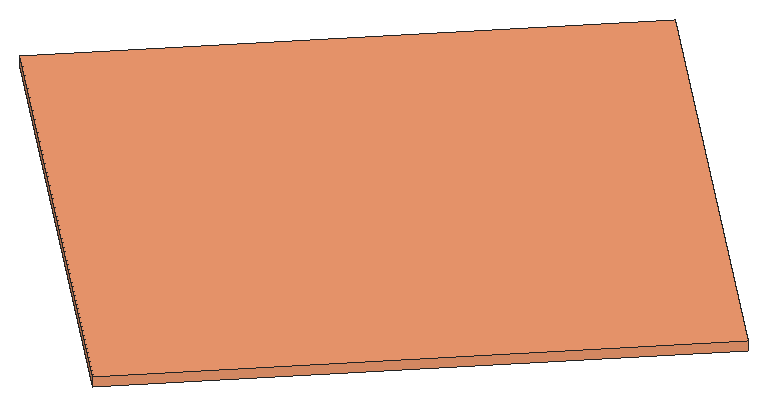
Revit family "Open End Mark", category Generic Models, Revit 2021
Family settings
  Can host rebar = No
  Round Connector Dimension = Use Diameter
  Part Type = Normal
  Work Plane-Based = No
  Always vertical = Yes
  Cut with Voids When Loaded = No
  Shared = No
  Room Calculation Point = No
Parameters
  Outside Lenght Mark [instance] = 400 mm
  Lenght X Mark [instance] = Outside Lenght Mark * sqrt(2)  # 565.685 mm
  Inside Lenght Mark [instance] = Outside Lenght Mark / sqrt(2)  # 282.843 mm
  Height Mark [instance] = 5 mm
  Default Elevation = 0 mm
Reference planes
  plane 1 "Center (Front/Back)": y = 0
  plane 2: z = 0
  plane 3 "Center (Left/Right)": x = 0
Forms (mm)
  Extrusion 1, solid, material "Mark Material"
    sketch origin (0, 0, 0) x (1, 0, 0) y (0, 1, 0)
      loop
        line (-200, 0) -> (0, -200) -> (200, 0) -> (0, 200) -> (-200, 0)
    from 0 to 5
Lines and regions (mm)
  reference lines
    curve 1: line (0, 643.551, 5) -> (0, -656.449, 5)
    curve 2: line (-304.416, 200, 0) -> (390.584, 200, 0)
    curve 3: line (-283.478, -200, 0) -> (411.522, -200, 0)
    curve 4: line (-200, 302.71, 0) -> (-200, -337.29, 0)
    curve 5: line (200, 302.71, 0) -> (200, -337.29, 0)
    curve 6: line (0, 400, 0) -> (400, 0, 0)
    curve 7: line (400, 0, 0) -> (0, -400, 0)
    curve 8: line (0, -400, 0) -> (-400, 0, 0)
    curve 9: line (-400, 0, 0) -> (0, 400, 0)
  model lines, style "Mark Line"
    curve 10: line (-200, 200, 0) -> (200, -200, 0)
    curve 11: line (-200, -200, 0) -> (200, 200, 0)
Dimensions and locks
  "Height Mark": level to curve 1
  equal spacing: curve 4, curve 1, curve 5
  equal spacing: curve 3, plane 1 "Center (Front/Back)", curve 2
  "Outside Lenght Mark": curve 4 to curve 5
  "Outside Lenght Mark": curve 3 to curve 2
  "Inside Lenght Mark": Extrusion 1 sketch curve to Extrusion 1 sketch curve  (x4)
  "Lenght X Mark": curve 7 to curve 9
  "Lenght X Mark": curve 6 to curve 8
  aligned and locked: level to plane 2
  aligned and locked: Extrusion 1 to curve 1
Automatic sketch dimensions
  plane 1 "Center (Front/Back)" to curve 1 = 656.449 mm
  curve 1 to plane 1 "Center (Front/Back)" = 643.551 mm
  plane 1 "Center (Front/Back)" to Extrusion 1 sketch curve = 0 mm
  Extrusion 1 sketch curve to plane 3 "Center (Left/Right)" = 0 mm  (x2)
  curve 11 to plane 3 "Center (Left/Right)" = 200 mm
  plane 1 "Center (Front/Back)" to curve 10 = 200 mm
  curve 10 to plane 3 "Center (Left/Right)" = 200 mm
  plane 3 "Center (Left/Right)" to curve 11 = 200 mm
  plane 3 "Center (Left/Right)" to curve 10 = 200 mm
  plane 1 "Center (Front/Back)" to curve 11 = 200 mm
  curve 11 to plane 1 "Center (Front/Back)" = 200 mm
  curve 10 to plane 1 "Center (Front/Back)" = 200 mm
  plane 1 "Center (Front/Back)" to curve 9 = 0 mm
  curve 8 to plane 3 "Center (Left/Right)" = 0 mm
  curve 6 to plane 3 "Center (Left/Right)" = 0 mm
  curve 2 to curve 4 = 104.416 mm
  curve 3 to curve 4 = 83.478 mm
  curve 2 to curve 6 = 9.416 mm
  curve 6 to curve 3 = 11.522 mm
  curve 4 to curve 3 = 137.29 mm
  curve 7 to curve 5 = 62.71 mm
  curve 2 to curve 4 = 102.71 mm
  curve 2 to curve 5 = 102.71 mm
